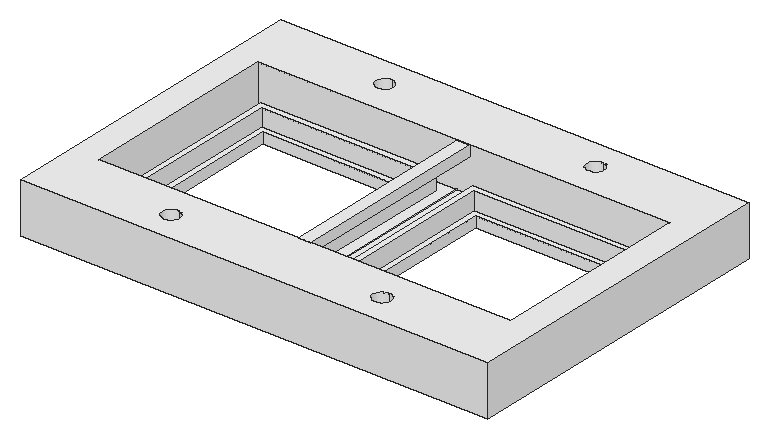
Revit family "Gira_021208", category Electrical Fixtures, host Face, Revit 2017
Family settings
  Host = Face
  Maintain Annotation Orientation = No
  Round Connector Dimension = Use Diameter
  Part Type = Normal
  Cut with Voids When Loaded = No
  Shared = No
  Room Calculation Point = No
Parameters (values of type "Abdeckrahmen 2f Zwischenr. AN Gira Event Anthrazit")
  Werkstoffgüte = "Thermoplast"
  Werkstoff = "Kunststoff"
  URL = "http://katalog.gira.de/de_DE/datenblatt.html?artikelnr=021208"
  Transparent = "No"
  Textfeld/Beschriftungsfläche = "No"
  Schutzart (IP) = "IP20"
  Region = "DE"
  Oberfläche = "sonstige"
  Name = "Abdeckrahmen 2f Zwischenr. AN Gira Event Anthrazit"
  Montagerichtung = "horizontal und vertikal"
  Mit Montagerahmen = "No"
  Mit Klappdeckel = "No"
  Manufacturer URL = "https://www.gira.de/"
  Keynote = "TX44_Rahmen_2fach"
  HeinzeBIM = "https://bimportal.heinze.de/bim/abdeckrahmen-2f-zwischenr-an-gira-event-anthrazit/81b8a0129233f6294206aeca5d9d54fcbd3b55d4"
  Halogenfrei = "Yes"
  HAN = "021208"
  Geeignet für Unterputz-Installation = "Yes"
  Geeignet für Unterflurkanaldose = "No"
  Geeignet für Geräteeinbaukanal = "No"
  Geeignet für Einbauinstallation = "No"
  GTIN = "4010337212089"
  Farbe = "anthrazit"
  Default Elevation = 1219.2 mm
  Data sheet (1) = "https://katalog.gira.de/de_DE/download.html?artikelnr=021208"
  Category = "Abdeckrahmen"
  Befestigungsart = "Klemmbefestigung"
  Available = "Yes"
  Anzahl der Einheiten vertikal = "2 "
  Anzahl der Einheiten horizontal = "2 "
  Anzahl der Einheiten = "2 "
Reference planes
  plane 1 "Center (Front/Back)": y = 0
  plane 2: z = 0
  plane 3 "Center (Left/Right)": x = 0
  plane 4: x = 78.75
  plane 5: x = 2
  plane 6: x = -2
Forms (mm)
  Extrusion 1, solid, material "White", detail levels fine
    sketch origin (-35.841, 0, 0) x (0, -1, 0) y (1, 0, 0)
      loop
        line (-54.959, 114.591) -> (-54.959, -42.909) -> (54.959, -42.909) -> (54.959, 114.591) -> (-54.959, 114.591)
      loop
        line (-33.5, -33.5) -> (33.5, -33.5) -> (33.5, 105.183) -> (-33.5, 105.183) -> (-33.5, -33.5)
      loop
        circle (-45, -0.006) r 3
      loop
        circle (44.992, 0.001) r 3
      loop
        circle (-45, 71.094) r 3
      loop
        circle (44.992, 71.101) r 3
    from 0 to 16.9
  Extrusion 2, solid, material "White", detail levels fine
    sketch origin (-35.841, 0, 0) x (0, -1, 0) y (1, 0, 0)
      loop
        line (-25.5, 25.5) -> (-25.5, -25.5) -> (25.5, -25.5) -> (25.5, 25.5) -> (-25.5, 25.5)
      loop
        line (-33.5, 33.5) -> (-33.5, -33.5) -> (33.5, -33.5) -> (33.5, 33.5) -> (-33.5, 33.5)
    from -1.6 to 2
  Extrusion 3, solid, material "White", detail levels fine
    sketch origin (-35.841, 0, 0) x (0, -1, 0) y (1, 0, 0)
      loop
        line (-27.5, 27.5) -> (-27.5, -27.5) -> (27.5, -27.5) -> (27.5, 27.5) -> (-27.5, 27.5)
      loop
        line (-29.5, 29.5) -> (-29.5, -29.5) -> (29.5, -29.5) -> (29.5, 29.5) -> (-29.5, 29.5)
    from 2 to 7.8
  Extrusion 4, solid, material "White", detail levels coarse+medium
    sketch origin (-35.841, 0, 0) x (0, -1, 0) y (1, 0, 0)
      loop
        line (-54.959, 114.591) -> (-54.959, -42.909) -> (54.959, -42.909) -> (54.959, 114.591) -> (-54.959, 114.591)
    from -1.6 to 16.9
  Extrusion 5, solid, material "White", detail levels fine
    sketch origin (35.841, 0, 0) x (0, -1, 0) y (1, 0, 0)
      loop
        line (-25.5, 25.5) -> (-25.5, -25.5) -> (25.5, -25.5) -> (25.5, 25.5) -> (-25.5, 25.5)
      loop
        line (-33.5, 33.5) -> (-33.5, -33.5) -> (33.5, -33.5) -> (33.5, 33.5) -> (-33.5, 33.5)
    from -1.6 to 2
  Extrusion 6, solid, material "White", detail levels fine
    sketch origin (35.841, 0, 0) x (0, -1, 0) y (1, 0, 0)
      loop
        line (-27.5, 27.5) -> (-27.5, -27.5) -> (27.5, -27.5) -> (27.5, 27.5) -> (-27.5, 27.5)
      loop
        line (-29.5, 29.5) -> (-29.5, -29.5) -> (29.5, -29.5) -> (29.5, 29.5) -> (-29.5, 29.5)
    from 2 to 7.8
  Extrusion 7, solid, material "White", detail levels fine
    sketch origin (-35.841, 0, 0) x (0, -1, 0) y (1, 0, 0)
      loop
        line (-33.5, 38.183) -> (-33.5, 33.5) -> (33.5, 33.5) -> (33.5, 38.183) -> (-33.5, 38.183)
    from 0 to 2
  Extrusion 8, solid, material "White", detail levels fine
    sketch origin (-35.841, 0, 0) x (0, -1, 0) y (1, 0, 0)
      loop
        line (-33.5, 37.841) -> (-33.5, 33.841) -> (33.5, 33.841) -> (33.5, 37.841) -> (-33.5, 37.841)
    from 13.4 to 16.9
Dimensions and locks
  aligned and locked: plane 2 to host face
  aligned and locked: level to host face
